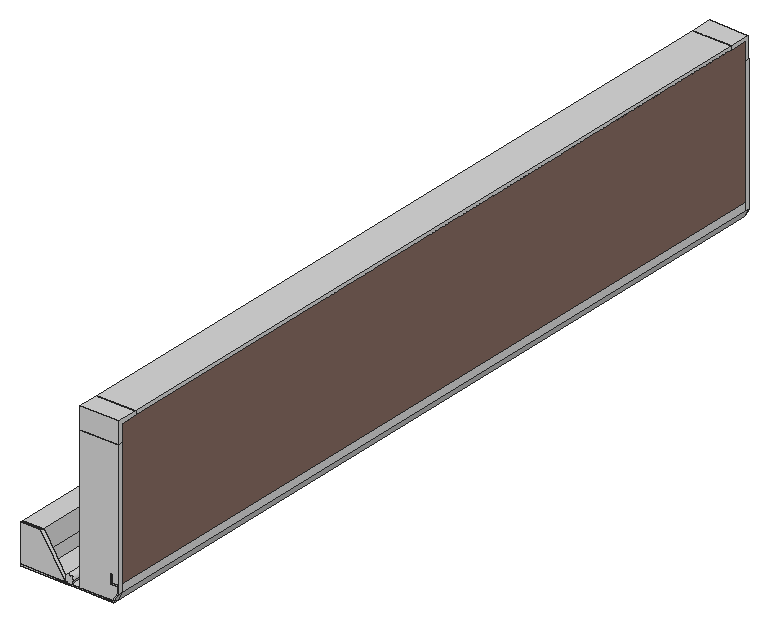
Revit family "MF_UNIVERSAL HINGED CORNER 8'_1904547", category Generic Models, Revit 2018
Family settings
  Can host rebar = No
  Round Connector Dimension = Use Diameter
  Part Type = Normal
  OmniClass Number = 35.51.14.00
  OmniClass Title = FORMWORK
  Work Plane-Based = Yes
  Always vertical = No
  Cut with Voids When Loaded = No
  Shared = Yes
  Room Calculation Point = No
Parameters
  VERSION = "20190101"  # constant formula
  URL = "www.ulmaconstruction.com/en"
  UNICLASS = ""
  ITEM_CODE = "1904547"
  Manufacturer = "ULMA CONSTRUCTION"  # constant formula
  FILTER [instance] = ""
  Default Elevation = 0.000 mm
  CLASSIFICATION_TITLE = ""
  CLASSIFICATION_NUMBER = ""
Reference planes
  plane 1 "Centro (Frontal/Posterior)": y = 0
  plane 2: z = 0
  plane 3 "Centro (Izquierda/Derecha)": x = 0
  plane 4: z = 508
  plane 5 "ITEM_HEIGHT": y = 2438.4
Forms (mm)
  Extrusion 1, solid, material "ULMA ZINC", detail levels fine
    sketch origin (0, 0, 0) x (1, 0, 0) y (0, 0, 1)
      loop
        circle (-152.4, 16.5) r 12.5
    from 0 to -2438.4
  Extrusion 2, solid, material "ULMA ZINC", detail levels fine
    sketch origin (0, 0, 0) x (1, 0, 0) y (0, 0, 1)
      loop
        line (-304.8, 4) -> (-304.8, 0) -> (-153.6, 0) -> (-153.6, 4) -> (-304.8, 4)
    from 0 to -2438.4
  Extrusion 3, solid, material "ULMA ZINC", detail levels fine
    sketch origin (0, 0, 0) x (1, 0, 0) y (0, 0, 1)
      loop
        line (-304.8, 4) -> (-162.8, 4) -> (-239.8, 121) -> (-304.8, 121) -> (-304.8, 4)
    from 0 to -8
  Extrusion 4, solid, material "ULMA ZINC", detail levels fine
    sketch origin (0, 3140, 0) x (1, 0, 0) y (0, 0, 1)
      loop
        line (-304.8, 4) -> (-162.8, 4) -> (-239.8, 121) -> (-304.8, 121) -> (-304.8, 4)
    from 709.6 to 701.6
  Extrusion 5, solid, material "ULMA ZINC", detail levels fine
    sketch origin (0, 0, 0) x (1, 0, 0) y (0, 0, 1)
      loop
        line (-304.8, 121) -> (-304.8, 4) -> (-252.3, 4) -> (-252.3, 50.694) -> (-239.8, 56) -> (-239.8, 121) -> (-304.8, 121)
    from -2430.4 to -8
  Extrusion 6, solid, material "ULMA ZINC", detail levels fine
    sketch origin (0, 0, 0) x (1, 0, 0) y (0, 0, 1)
      loop
        line (-239.8, 121) -> (-239.8, 4) -> (-164.8, 4) -> (-239.8, 121)
    from -764 to -760
  Extrusion 7, solid, material "ULMA ZINC", detail levels fine
    sketch origin (0, 590, 0) x (1, 0, 0) y (0, 0, 1)
      loop
        line (-239.8, 121) -> (-239.8, 4) -> (-164.8, 4) -> (-239.8, 121)
    from -1088.4 to -1084.4
  Extrusion 8, solid, material "ULMA ZINC", detail levels fine
    sketch origin (0, 0, 0) x (1, 0, 0) y (0, 0, 1)
      loop
        line (-239.8, 121) -> (-239.8, 4) -> (-177.8, 4) -> (-239.8, 121)
    from -334.8 to -274.8
  Extrusion 9, solid, material "ULMA ZINC", detail levels fine
    sketch origin (0, 550, 0) x (1, 0, 0) y (0, 0, 1)
      loop
        line (-239.8, 121) -> (-239.8, 4) -> (-177.8, 4) -> (-239.8, 121)
    from -699.2 to -639.2
  Extrusion 10, solid, material "ULMA ZINC", detail levels fine
    sketch origin (0, 1185, 0) x (1, 0, 0) y (0, 0, 1)
      loop
        line (-239.8, 121) -> (-239.8, 4) -> (-177.8, 4) -> (-239.8, 121)
    from -978.6 to -918.6
  Extrusion 11, solid, material "ULMA ZINC", detail levels fine
    sketch origin (0, 0, 0) x (0, 1, 0) y (0, 0, 1)
      loop
        circle (381, 77.2) r 19
      loop
        circle (838.2, 77.2) r 19
      loop
        circle (1600.2, 77.2) r 19
      loop
        circle (2057.4, 77.2) r 19
    from -239.8 to -231.8
  Extrusion 12, solid, material "ULMA ZINC", detail levels fine
    sketch origin (0, 0, 0) x (1, 0, 0) y (0, 0, 1)
      loop
        line (-20.001, 496.8) -> (0, 496.8) -> (0, 508) -> (-120, 508) -> (-120, 443) -> (-58.973, 443)
        arc (-58.973, 443) -> (-55.66, 443.998) -> (-53.448, 446.658) r 6.001
        line (-53.448, 446.658) -> (-50.344, 453.975)
        arc (-50.344, 453.975) -> (-49.421, 455.085) -> (-48.039, 455.501) r 2.504
        line (-48.039, 455.501) -> (-32.501, 455.501)
        arc (-32.501, 455.501) -> (-30.733, 454.769) -> (-30.001, 453.001) r 2.5
        line (-30.001, 453.001) -> (-30.001, 446.501)
        arc (-30.001, 446.501) -> (-28.976, 444.026) -> (-26.501, 443.001) r 3.5
        line (-26.501, 443.001) -> (-20.001, 443) -> (-20.001, 496.8)
    from -2373.4 to -65
  Extrusion 13, solid, material "ULMA ZINC", detail levels fine
    sketch origin (0, 0, 0) x (0, 1, 0) y (0, 0, 1)
      loop
        line (0, 508) -> (0, 443) -> (65, 443) -> (65, 508) -> (0, 508)
    from 0 to -120
  Extrusion 14, solid, material "ULMA ZINC", detail levels fine
    sketch origin (0, -609.6, 0) x (0, 1, 0) y (0, 0, 1)
      loop
        line (3048, 508.001) -> (2983, 508.001) -> (2983, 443.001) -> (3048, 443.001) -> (3048, 508.001)
    from -120 to 0
  Extrusion 15, solid, material "ULMA ZINC", detail levels fine
    sketch origin (0, 0, 0) x (1, 0, 0) y (0, 1, 0)
      loop
        line (-20.001, 11.2) -> (-20.001, 65) -> (-26.501, 64.999)
        arc (-26.501, 64.999) -> (-28.976, 63.974) -> (-30.001, 61.499) r 3.5
        line (-30.001, 61.499) -> (-30.001, 54.999)
        arc (-30.001, 54.999) -> (-30.733, 53.231) -> (-32.501, 52.499) r 2.5
        line (-32.501, 52.499) -> (-48.039, 52.499)
        arc (-48.039, 52.499) -> (-49.421, 52.915) -> (-50.344, 54.025) r 2.504
        line (-50.344, 54.025) -> (-53.448, 61.342)
        arc (-53.448, 61.342) -> (-55.66, 64.002) -> (-58.973, 65) r 6.001
        line (-58.973, 65) -> (-120, 65) -> (-120, 0) -> (0, 0) -> (0, 11.2) -> (-20.001, 11.2)
    from 4 to 443
  Extrusion 16, solid, material "ULMA ZINC", detail levels fine
    sketch origin (0, -609.6, 0) x (1, 0, 0) y (0, 1, 0)
      loop
        line (-20.001, 3036.8) -> (0, 3036.8) -> (0, 3048) -> (-120, 3048) -> (-120, 2983) -> (-58.973, 2983)
        arc (-58.973, 2983) -> (-55.66, 2983.998) -> (-53.448, 2986.658) r 6.001
        line (-53.448, 2986.658) -> (-50.344, 2993.975)
        arc (-50.344, 2993.975) -> (-49.421, 2995.085) -> (-48.039, 2995.501) r 2.504
        line (-48.039, 2995.501) -> (-32.501, 2995.501)
        arc (-32.501, 2995.501) -> (-30.733, 2994.769) -> (-30.001, 2993.001) r 2.5
        line (-30.001, 2993.001) -> (-30.001, 2986.501)
        arc (-30.001, 2986.501) -> (-28.976, 2984.026) -> (-26.501, 2983.001) r 3.5
        line (-26.501, 2983.001) -> (-20.001, 2983) -> (-20.001, 3036.8)
    from 4 to 443.001
  Extrusion 17, solid, material "ULMA ZINC", detail levels fine
    sketch origin (0, 0, 0) x (1, 0, 0) y (0, 0, 1)
      loop
        line (-24, 47.013) -> (-4, 47.013) -> (-4, 26.422) -> (-16.945, 4) -> (-151.2, 4) -> (-151.2, 0) -> (-14.636, 0) -> (0, 25.35) -> (0, 51.013) -> (-20.001, 51.013) -> (-20.001, 75.5) -> (-24, 75.5) -> (-24, 47.013)
    from 0 to -2438.4
  Extrusion 18, void
    sketch origin (0, 0, 0) x (1, 0, 0) y (0, 0, 1)
      loop
        line (0, 25.35) -> (-14.636, 0) -> (-14.636, -2) -> (2, -2) -> (2, 25.35) -> (0, 25.35)
    from -2450 to 5
  Extrusion 19, void
    sketch origin (0, 0, 0) x (0, 1, 0) y (0, 0, 1)
      loop
        line (11.2, 443) -> (65, 443) -> (65, 496.8) -> (11.2, 496.8) -> (11.2, 443)
    from 0 to -20.001
  Extrusion 20, void
    sketch origin (0, -609.6, 0) x (0, 1, 0) y (0, 0, 1)
      loop
        line (2983, 496.801) -> (2983, 443.001) -> (3036.8, 443.001) -> (3036.8, 496.801) -> (2983, 496.801)
    from 0 to -20.001
  Extrusion 21, solid, material "ULMA ZINC", detail levels fine
    sketch origin (0, -385, 0) x (1, 0, 0) y (0, 1, 0)
      loop
        line (-20.001, 2183.8) -> (-20.001, 2243.8) -> (-120, 2243.8) -> (-120, 2183.8) -> (-20.001, 2183.8)
    from 4 to 443
  Extrusion 22, solid, material "ULMA ZINC", detail levels fine
    sketch origin (0, -840, 0) x (1, 0, 0) y (0, 1, 0)
      loop
        line (-20.001, 2156.2) -> (-20.001, 2216.2) -> (-120, 2216.2) -> (-120, 2156.2) -> (-20.001, 2156.2)
    from 4 to 443
  Extrusion 23, solid, material "ULMA ZINC", detail levels fine
    sketch origin (0, -1445, 0) x (1, 0, 0) y (0, 1, 0)
      loop
        line (-20.001, 2507.2) -> (-20.001, 2567.2) -> (-120, 2567.2) -> (-120, 2507.2) -> (-20.001, 2507.2)
    from 4 to 443
  Extrusion 24, solid, material "ULMA ZINC", detail levels fine
    sketch origin (0, -2135, 0) x (1, 0, 0) y (0, 1, 0)
      loop
        line (-20.001, 2714.6) -> (-20.001, 2774.6) -> (-120, 2774.6) -> (-120, 2714.6) -> (-20.001, 2714.6)
    from 4 to 443
  Extrusion 25, solid, material "ULMA ZINC", detail levels fine
    sketch origin (0, 0, 0) x (1, 0, 0) y (0, 1, 0)
      loop
        line (-20.001, 351) -> (-20.001, 411) -> (-119.999, 411) -> (-119.999, 406) -> (-25, 406) -> (-25, 356) -> (-119.999, 356) -> (-119.999, 351) -> (-20.001, 351)
    from 4 to 443
  Extrusion 26, solid, material "ULMA ZINC", detail levels fine
    sketch origin (0, 457.2, 0) x (1, 0, 0) y (0, 1, 0)
      loop
        line (-20.001, 351) -> (-20.001, 411) -> (-119.999, 411) -> (-119.999, 406) -> (-25, 406) -> (-25, 356) -> (-119.999, 356) -> (-119.999, 351) -> (-20.001, 351)
    from 4 to 443
  Extrusion 27, solid, material "ULMA ZINC", detail levels fine
    sketch origin (0, 1219.2, 0) x (1, 0, 0) y (0, 1, 0)
      loop
        line (-20.001, 351) -> (-20.001, 411) -> (-119.999, 411) -> (-119.999, 406) -> (-25, 406) -> (-25, 356) -> (-119.999, 356) -> (-119.999, 351) -> (-20.001, 351)
    from 4 to 443
  Extrusion 28, solid, material "ULMA ZINC", detail levels fine
    sketch origin (0, 1676.4, 0) x (1, 0, 0) y (0, 1, 0)
      loop
        line (-20.001, 351) -> (-20.001, 411) -> (-119.999, 411) -> (-119.999, 406) -> (-25, 406) -> (-25, 356) -> (-119.999, 356) -> (-119.999, 351) -> (-20.001, 351)
    from 4 to 443
  Extrusion 29, solid, material "ULMA PLYWOOD", detail levels fine
    sketch origin (0, 0, 0) x (1, 0, 0) y (0, 0, 1)
      loop
        line (-20.001, 496.801) -> (-20.001, 51.013) -> (0, 51.013) -> (0, 496.801) -> (-20.001, 496.801)
    from -2427.2 to -11.2
  Extrusion 30, solid, material "ULMA ZINC", detail levels fine
    sketch origin (0, 0, 0) x (1, 0, 0) y (0, 1, 0)
      loop
        circle (-77.199, 381) r 19
      loop
        circle (-77.199, 838.2) r 19
      loop
        circle (-77.199, 1600.2) r 19
      loop
        circle (-77.199, 2057.4) r 19
    from 435 to 443
  Extrusion 31, solid, material "ULMA ZINC", detail levels fine
    sketch origin (0, 0, 0) x (1, 0, 0) y (0, 0, 1)
      loop
        circle (-77.199, 254) r 19
    from -72.999 to -65
  Extrusion 32, solid, material "ULMA ZINC", detail levels fine
    sketch origin (0, -129.6, 0) x (1, 0, 0) y (0, 0, 1)
      loop
        circle (-77.199, 254) r 19
    from -2495.001 to -2503
  Extrusion 33, solid, material "ULMA ZINC", detail levels coarse+medium
    sketch origin (0, 0, 0) x (1, 0, 0) y (0, 0, 1)
      loop
        line (-304.8, 121) -> (-304.8, 0) -> (-14.636, 0) -> (0, 25.35) -> (0, 508) -> (-120, 508) -> (-120, 4) -> (-162.8, 4) -> (-239.8, 121) -> (-304.8, 121)
    from -2438.4 to 0
Cuts and joins
  Extrusion 18 cuts Extrusion 15
  Extrusion 18 cuts Extrusion 16
  Extrusion 19 cuts Extrusion 13
  Extrusion 20 cuts Extrusion 14
Lines and regions (mm)
  model lines, style "ULMA PANELS", detail levels fine
    curve 1: circle (-231.8, 381, 77.2) r 11 normal (1, 0, 0)
    curve 2: circle (-231.8, 838.2, 77.2) r 11 normal (1, 0, 0)
    curve 3: circle (-231.8, 1600.2, 77.2) r 11 normal (1, 0, 0)
    curve 4: circle (-231.8, 2057.4, 77.2) r 11 normal (1, 0, 0)
    curve 5: circle (-304.8, 381, 77.2) r 11 normal (1, 0, 0)
    curve 6: circle (-304.8, 838.2, 77.2) r 11 normal (1, 0, 0)
    curve 7: circle (-304.8, 1600.2, 77.2) r 11 normal (1, 0, 0)
    curve 8: circle (-304.8, 2057.4, 77.2) r 11 normal (1, 0, 0)
    curve 9: circle (-272.3, 545.2, 121) r 21 normal (0, 0, 1)
    curve 10: line (-293.3, 556.7, 121) -> (-293.3, 533.7, 121)
    curve 11: arc (-293.3, 533.7, 121) -> (-287.149, 518.851, 121) -> (-272.3, 512.7, 121) r 21
    curve 12: arc (-272.3, 512.7, 121) -> (-257.451, 518.851, 121) -> (-251.3, 533.7, 121) r 21
    curve 13: line (-251.3, 533.7, 121) -> (-251.3, 556.7, 121)
    curve 14: arc (-251.3, 556.7, 121) -> (-257.451, 571.549, 121) -> (-272.3, 577.7, 121) r 21
    curve 15: arc (-272.3, 577.7, 121) -> (-287.149, 571.549, 121) -> (-293.3, 556.7, 121) r 21
    curve 16: circle (-272.3, 1893.2, 121) r 21 normal (0, 0, 1)
    curve 17: line (-293.3, 1904.7, 121) -> (-293.3, 1881.7, 121)
    curve 18: arc (-293.3, 1881.7, 121) -> (-287.149, 1866.851, 121) -> (-272.3, 1860.7, 121) r 21
    curve 19: arc (-272.3, 1860.7, 121) -> (-257.451, 1866.851, 121) -> (-251.3, 1881.7, 121) r 21
    curve 20: line (-251.3, 1881.7, 121) -> (-251.3, 1904.7, 121)
    curve 21: arc (-251.3, 1904.7, 121) -> (-257.451, 1919.549, 121) -> (-272.3, 1925.7, 121) r 21
    curve 22: arc (-272.3, 1925.7, 121) -> (-287.149, 1919.549, 121) -> (-293.3, 1904.7, 121) r 21
    curve 23: circle (-272.3, 545.2, 0) r 21 normal (0, 0, 1)
    curve 24: circle (-272.3, 1893.2, 0) r 21 normal (0, 0, 1)
    curve 25: circle (0, 381, 381) r 10.5 normal (1, 0, 0)
    curve 26: circle (0, 381, 330.2) r 10.5 normal (1, 0, 0)
    curve 27: circle (0, 381, 279.4) r 10.5 normal (1, 0, 0)
    curve 28: circle (0, 381, 228.6) r 10.5 normal (1, 0, 0)
    curve 29: circle (0, 381, 177.8) r 10.5 normal (1, 0, 0)
    curve 30: circle (0, 381, 127) r 10.5 normal (1, 0, 0)
    curve 31: circle (-25, 381, 381) r 10.5 normal (1, 0, 0)
    curve 32: circle (-25, 381, 330.2) r 10.5 normal (1, 0, 0)
    curve 33: circle (-25, 381, 279.4) r 10.5 normal (1, 0, 0)
    curve 34: circle (-25, 381, 228.6) r 10.5 normal (1, 0, 0)
    curve 35: circle (-25, 381, 177.8) r 10.5 normal (1, 0, 0)
    curve 36: circle (-25, 381, 127) r 10.5 normal (1, 0, 0)
    curve 37: circle (0, 838.2, 381) r 10.5 normal (1, 0, 0)
    curve 38: circle (0, 838.2, 330.2) r 10.5 normal (1, 0, 0)
    curve 39: circle (0, 838.2, 279.4) r 10.5 normal (1, 0, 0)
    curve 40: circle (0, 838.2, 228.6) r 10.5 normal (1, 0, 0)
    curve 41: circle (0, 838.2, 177.8) r 10.5 normal (1, 0, 0)
    curve 42: circle (0, 838.2, 127) r 10.5 normal (1, 0, 0)
    curve 43: circle (-25, 838.2, 381) r 10.5 normal (1, 0, 0)
    curve 44: circle (-25, 838.2, 330.2) r 10.5 normal (1, 0, 0)
    curve 45: circle (-25, 838.2, 279.4) r 10.5 normal (1, 0, 0)
    curve 46: circle (-25, 838.2, 228.6) r 10.5 normal (1, 0, 0)
    curve 47: circle (-25, 838.2, 177.8) r 10.5 normal (1, 0, 0)
    curve 48: circle (-25, 838.2, 127) r 10.5 normal (1, 0, 0)
    curve 49: circle (0, 1600.2, 381) r 10.5 normal (1, 0, 0)
    curve 50: circle (0, 1600.2, 330.2) r 10.5 normal (1, 0, 0)
    curve 51: circle (0, 1600.2, 279.4) r 10.5 normal (1, 0, 0)
    curve 52: circle (0, 1600.2, 228.6) r 10.5 normal (1, 0, 0)
    curve 53: circle (0, 1600.2, 177.8) r 10.5 normal (1, 0, 0)
    curve 54: circle (0, 1600.2, 127) r 10.5 normal (1, 0, 0)
    curve 55: circle (-25, 1600.2, 381) r 10.5 normal (1, 0, 0)
    curve 56: circle (-25, 1600.2, 330.2) r 10.5 normal (1, 0, 0)
    curve 57: circle (-25, 1600.2, 279.4) r 10.5 normal (1, 0, 0)
    curve 58: circle (-25, 1600.2, 228.6) r 10.5 normal (1, 0, 0)
    curve 59: circle (-25, 1600.2, 177.8) r 10.5 normal (1, 0, 0)
    curve 60: circle (-25, 1600.2, 127) r 10.5 normal (1, 0, 0)
    curve 61: circle (0, 2057.4, 381) r 10.5 normal (1, 0, 0)
    curve 62: circle (0, 2057.4, 330.2) r 10.5 normal (1, 0, 0)
    curve 63: circle (0, 2057.4, 279.4) r 10.5 normal (1, 0, 0)
    curve 64: circle (0, 2057.4, 228.6) r 10.5 normal (1, 0, 0)
    curve 65: circle (0, 2057.4, 177.8) r 10.5 normal (1, 0, 0)
    curve 66: circle (0, 2057.4, 127) r 10.5 normal (1, 0, 0)
    curve 67: circle (-25, 2057.4, 381) r 10.5 normal (1, 0, 0)
    curve 68: circle (-25, 2057.4, 330.2) r 10.5 normal (1, 0, 0)
    curve 69: circle (-25, 2057.4, 279.4) r 10.5 normal (1, 0, 0)
    curve 70: circle (-25, 2057.4, 228.6) r 10.5 normal (1, 0, 0)
    curve 71: circle (-25, 2057.4, 177.8) r 10.5 normal (1, 0, 0)
    curve 72: circle (-25, 2057.4, 127) r 10.5 normal (1, 0, 0)
    curve 73: circle (-120, 545.2, 475.5) r 21 normal (1, 0, 0)
    curve 74: line (-120, 556.7, 496.5) -> (-120, 533.7, 496.5)
    curve 75: arc (-120, 533.7, 496.5) -> (-120, 512.7, 475.5) -> (-120, 533.7, 454.5) r 21
    curve 76: line (-120, 533.7, 454.5) -> (-120, 556.7, 454.5)
    curve 77: arc (-120, 556.7, 454.5) -> (-120, 577.7, 475.5) -> (-120, 556.7, 496.5) r 21
    curve 78: circle (-120, 1893.2, 475.5) r 21 normal (1, 0, 0)
    curve 79: line (-120, 1904.7, 496.5) -> (-120, 1881.7, 496.5)
    curve 80: arc (-120, 1881.7, 496.5) -> (-120, 1860.7, 475.5) -> (-120, 1881.7, 454.5) r 21
    curve 81: line (-120, 1881.7, 454.5) -> (-120, 1904.7, 454.5)
    curve 82: arc (-120, 1904.7, 454.5) -> (-120, 1925.7, 475.5) -> (-120, 1904.7, 496.5) r 21
    curve 83: circle (0, 545.2, 475.5) r 21 normal (1, 0, 0)
    curve 84: circle (0, 1893.2, 475.5) r 21 normal (1, 0, 0)
    curve 85: circle (-77.199, 2057.4, 435) r 11 normal (0, 0, 1)
    curve 86: circle (-77.199, 1600.2, 435) r 11 normal (0, 0, 1)
    curve 87: circle (-77.199, 838.2, 435) r 11 normal (0, 0, 1)
    curve 88: circle (-77.199, 381, 435) r 11 normal (0, 0, 1)
    curve 89: circle (-77.199, 2057.4, 508) r 11 normal (0, 0, 1)
    curve 90: circle (-77.199, 1600.2, 508) r 11 normal (0, 0, 1)
    curve 91: circle (-77.199, 838.2, 508) r 11 normal (0, 0, 1)
    curve 92: circle (-77.199, 381, 508) r 11 normal (0, 0, 1)
    curve 93: circle (-77.199, 0, 254) r 11 normal (0, -1, 0)
    curve 94: circle (-77.199, 72.999, 254) r 11 normal (0, -1, 0)
    curve 95: circle (-77.199, 2438.4, 254) r 11 normal (0, -1, 0)
    curve 96: circle (-77.199, 2365.401, 254) r 11 normal (0, -1, 0)
    curve 97: circle (-80, 579.6, 356.101) r 10.25 normal (0, -1, 0)
    curve 98: circle (-80, 1062.2, 356.101) r 10.25 normal (0, -1, 0)
    curve 99: circle (-80, 1316.2, 356.101) r 10.25 normal (0, -1, 0)
    curve 100: circle (-80, 1798.8, 356.101) r 10.25 normal (0, -1, 0)
    curve 101: circle (-80, 639.6, 356.101) r 10.25 normal (0, -1, 0)
    curve 102: circle (-80, 1122.2, 356.101) r 10.25 normal (0, -1, 0)
    curve 103: circle (-80, 1376.2, 356.101) r 10.25 normal (0, -1, 0)
    curve 104: circle (-80, 1858.8, 356.101) r 10.25 normal (0, -1, 0)
Dimensions and locks
  aligned and locked: level to plane 2
  aligned and locked: Extrusion 12 to Extrusion 13
  aligned and locked: Extrusion 12 to Extrusion 14
  aligned and locked: Extrusion 16 to Extrusion 14
  aligned and locked: Extrusion 24 to Extrusion 12
  aligned and locked: Extrusion 23 to Extrusion 12
  aligned and locked: Extrusion 22 to Extrusion 12
  aligned and locked: Extrusion 21 to Extrusion 12
  aligned and locked: Extrusion 23 to Extrusion 17
  aligned and locked: cut or joined group of Extrusion 15, Extrusion 18 to Extrusion 17
  aligned and locked: Extrusion 24 to Extrusion 17
  aligned and locked: Extrusion 21 to Extrusion 17
  aligned and locked: Extrusion 22 to Extrusion 17
  aligned and locked: Extrusion 25 to Extrusion 2
  aligned and locked: Extrusion 25 to Extrusion 12
  aligned and locked: Extrusion 26 to Extrusion 12
  aligned and locked: Extrusion 27 to Extrusion 12
  aligned and locked: Extrusion 28 to Extrusion 12
  aligned and locked: Extrusion 26 to Extrusion 2
  aligned and locked: Extrusion 27 to Extrusion 2
  aligned and locked: Extrusion 28 to Extrusion 2
  aligned and locked: Extrusion 29 to cut or joined group of Extrusion 15, Extrusion 18
  aligned and locked: Extrusion 29 to cut or joined group of Extrusion 16, Extrusion 18
  aligned and locked: Extrusion 30 to Extrusion 27
  aligned and locked: plane 1 "Centro (Frontal/Posterior)" to Extrusion 33
